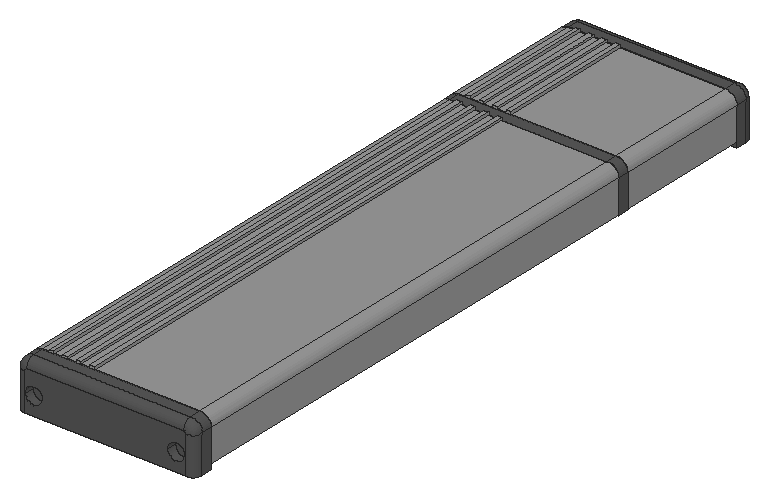
Revit family "JC KONTAKTER JCK227 DE", category Specialty Equipment, host Face, Revit 2025
Family settings
  Host = Face
  Round Connector Dimension = Use Diameter
  Part Type = Normal
  Enable Cutting in Views = Yes
  Cut with Voids When Loaded = No
  Maintain Annotation Orientation = Yes
  Shared = No
  Room Calculation Point = No
Parameters (values of type "JCK227")
  URL = "https://grossflaechentaster.de/produkt/grossflachentaster-metall/grossflachentaster-jck227/"
  Technisches Produktblatt = "https://grossflaechentaster.de/wp-content/uploads/sites/3/Technisches-Produktdatenblatt-_JCK227_DE.pdf"
  Produktgewicht = "0.397 kg."
  Nomineller nennstrom = "12 V - Resistive 6A Inductive L/R 5ms 6A, 24 V - Resistive 6A Inductive L/R 5ms 5A"
  Model = "JCK227"
  Mikroschalter = "Standard NO IP67"
  Manufacturer = "JC kontakter"
  Kunststoffstück = POM Tenac C 4520
  Kern = Aluminum ENAW 6060
  Herstellungsland = "Schweden"
  Geringster nennstrom = "1mA/4 V DC"
  Endkappen = POM Tenac C 4520
  Description = "JCK227 gehört zu einer Serie von Großflächentastern mit doppelten Tastflächen, die es ermöglichen, z.B. eine zusätzliche Tür oder ein Schloss zu schalten. Der JCK227 ist aus silbereloxiertem Aluminium mit schwarzen Endkappen gefertigt. Beide Tastflächen sind mit vier taktilen Rillen versehen und dienen als zusätzliche Orientierungshilfe für sehbehinderte Personen. So lässt sich leicht erfühlen, wo man drücken muss, um die Türöffnung zu aktivieren."
  Default Elevation = 800 mm
  Deckel 2 = Aluminum ENAW 6060
  Deckel = Aluminum ENAW 6060
  CE-kennzeichnung = "https://jckontakter.se/wp-content/uploads/CE_Dokument.pdf"
  Anzahl der mikroschalter = 2
Reference planes
  plane 1 "Center (Front/Back)": y = 0
  plane 2: z = 0
  plane 3 "Center (Left/Right)": x = 0
  plane 4 "A": y = -155.5
Lines and regions (mm)
  symbolic lines
    curve 1: line (-50, 0, 50) -> (50, 0, 50)
    curve 2: line (-50, 0, 0) -> (-50, 0, 50)
    curve 3: line (50, 0, 0) -> (-50, 0, 0)
    curve 4: line (50, 0, 50) -> (50, 0, 0)
    curve 5: line (-40, 155.5, 0) -> (40, 155.5, 0)
    curve 6: line (-40, -155.5, 0) -> (-40, 155.5, 0)
    curve 7: line (40, -155.5, 0) -> (-40, -155.5, 0)
    curve 8: line (40, 155.5, 0) -> (40, -155.5, 0)
Text (mm)
  text "Entfernen Sie diesen Text vor der Verwendung.\n\nPlatzierungsanweisungen:\n\n1. In das Projekt laden.\n2. Bewegen Sie den Mauszeiger über die Fläche, auf der die Familie platziert werden soll.\n3. Wenn die Familie gedreht angezeigt wird, aktivieren Sie die Option „Nach Platzierung drehen.\n4. Klicken Sie auf die gewünschte Fläche.\n5. Geben Sie den gewünschten Winkel ein.\n6. Drücken Sie die Eingabetaste." at (123.173, 1072.34, 0), in view "Ref. Level"
Dimensions and locks
  aligned and locked: plane 2 to host face
  aligned and locked: level to host face
Nested families
  nested 1: "AK_227" at (0, -155.5, 0) x (1, 0, 0) z (0, 1, 0), type "AK_227"
Definition of nested family "AK_227"
  Parameters (values of type "AK_227")
    Middle separator = none
    Lid (Secondary) = none
    Default Elevation = 1219.2 mm
    Core Finish = none
    URL = "https://jckontakter.se/produkt/armbagskontakter-metall/armbagskontakt-i-aluminium-jck227/"
    Model = "JCK227"  # constant formula
    Manufacturer = "JC Kontakter"  # constant formula
    Lid Finish = none
    End Cap Finish = none
    Description = "JCK227 tillhör en serie armbågskontakter med dubbla tryckytor som gör det möjligt att koppla t.ex. en extra dörr eller ett lås. JCK227 är tillverkad i silvereloxerad aluminium med svarta endcaps. Båda tryckytorna är utformade med fyra taktila rillor och fungerar som extra vägledning för personer med synnedsättning. Man kan enkelt känna sig till vart man ska trycka för att aktivera dörröppning."  # constant formula
  Reference planes
    plane 1 "Center (Front/Back)": y = 0
    plane 2: z = 0
    plane 3 "Center (Left/Right)": x = 0
    plane 4 "1": x = 40
    plane 5 "A": z = 9
    plane 6 "B": z = 302
    plane 7 "C": z = 236
  Forms (mm)
    Extrusion 1, solid, material <- "Core Finish"
      sketch origin (40, 0, 9) x (1, 0, 0) y (0, 1, 0)
        loop
          line (-80, 0) -> (-80, -1.2) -> (-75, -1.2) -> (-75, -8.75) -> (-73.2, -8.75) -> (-73.2, -1.2) -> (-11.2, -1.2) -> (-11.2, -8.75) -> (-2.249, -8.75)
          arc (-2.249, -8.75) -> (-3.331, -3.54) -> (-8.11, -1.2) r 6.05
          line (-8.11, -1.2) -> (-5.54, -1.2) -> (-5.54, 0) -> (-80, 0)
      from 0 to 293
    Extrusion 2, solid, material <- "Lid Finish"
      sketch origin (-40, 0, 9) x (-1, 0, 0) y (0, -1, 0)
        loop
          line (-3.92, 11.41) -> (-0.92, 6.4) -> (0, 6.4) -> (0, 16.83)
          arc (0, 16.83) -> (-1.464, 20.366) -> (-5, 21.83) r 5
          line (-5, 21.83) -> (-8, 21.83) -> (-8, 22.83) -> (-10, 22.83) -> (-10, 21.83) -> (-14, 21.83) -> (-14, 22.83) -> (-16, 22.83) -> (-16, 21.83) -> (-20, 21.83) -> (-20, 22.83) -> (-22, 22.83) -> (-22, 21.83) -> (-26, 21.83) -> (-26, 22.83) -> (-28, 22.83) -> (-28, 21.83) -> (-75, 21.83)
          arc (-75, 21.83) -> (-78.536, 20.366) -> (-80, 16.83) r 5
          line (-80, 16.83) -> (-80, 2.38) -> (-78.4, 2.38) -> (-78.4, 11.41) -> (-3.92, 11.41)
      from 0 to 227
    Extrusion 3, solid, material <- "End Cap Finish"
      sketch origin (-40, 0, 0) x (1, 0, 0) y (0, 1, 0)
        loop
          arc (0, -16.83) -> (1.464, -20.366) -> (5, -21.83) r 5
          line (5, -21.83) -> (75, -21.83)
          arc (75, -21.83) -> (78.536, -20.366) -> (80, -16.83) r 5
          line (80, -16.83) -> (80, 0) -> (0, 0) -> (0, -16.83)
      from 0 to 9
    Sweep 4, void
      path origin (0, 0, 0) x (1, 0, 0) y (0, 1, 0)
        loop
          line (42, 0) -> (42, -16.83)
          arc (42, -16.83) -> (39.95, -21.78) -> (35, -23.83) r 7
          line (35, -23.83) -> (-35, -23.83)
          arc (-35, -23.83) -> (-39.95, -21.78) -> (-42, -16.83) r 7
          line (-42, -16.83) -> (-42, 0)
      profile origin (0, -23.83, 0) x (0, -1, 0) y (0, 0, 1)
        loop
          line (-1, 4) -> (-2, 4)
          arc (-2, 4) -> (-3.172, 1.172) -> (-6, 0) r 4
          line (-6, 0) -> (-6, -1) -> (-1, -1) -> (-1, 4)
    Extrusion 5, solid, material <- "End Cap Finish"
      sketch origin (0, 0, 302) x (-1, 0, 0) y (0, -1, 0)
        loop
          arc (40, 16.83) -> (38.536, 20.366) -> (35, 21.83) r 5
          line (35, 21.83) -> (-35, 21.83)
          arc (-35, 21.83) -> (-38.536, 20.366) -> (-40, 16.83) r 5
          line (-40, 16.83) -> (-40, 0) -> (40, 0) -> (40, 16.83)
      from 0 to 9
    Sweep 6, void
      path origin (0, 0, 302) x (-1, 0, 0) y (0, -1, 0)
        loop
          line (-42, 0) -> (-42, 16.83)
          arc (-42, 16.83) -> (-39.95, 21.78) -> (-35, 23.83) r 7
          line (-35, 23.83) -> (35, 23.83)
          arc (35, 23.83) -> (39.95, 21.78) -> (42, 16.83) r 7
          line (42, 16.83) -> (42, 0)
      profile origin (0, -23.83, 302) x (0, -1, 0) y (0, 0, 1)
        loop
          line (-1, 5) -> (-1, 10) -> (-6, 10) -> (-6, 9)
          arc (-6, 9) -> (-3.172, 7.828) -> (-2, 5) r 4
          line (-2, 5) -> (-1, 5)
    Extrusion 7, void
      sketch origin (0, 0, 0) x (1, 0, 0) y (0, 1, 0)
        loop
          circle (-31.75, -8.25) r 3.75
        loop
          circle (31.75, -8.25) r 3.75
      from 0 to 4
    Extrusion 8, solid, material <- "Lid (Secondary)"
      sketch origin (0, 0, 236) x (-1, 0, 0) y (0, -1, 0)
        loop
          line (36.08, 11.41) -> (39.08, 6.4) -> (40, 6.4) -> (40, 16.83)
          arc (40, 16.83) -> (38.536, 20.366) -> (35, 21.83) r 5
          line (35, 21.83) -> (32, 21.83) -> (32, 22.83) -> (30, 22.83) -> (30, 21.83) -> (26, 21.83) -> (26, 22.83) -> (24, 22.83) -> (24, 21.83) -> (20, 21.83) -> (20, 22.83) -> (18, 22.83) -> (18, 21.83) -> (14, 21.83) -> (14, 22.83) -> (12, 22.83) -> (12, 21.83) -> (-35, 21.83)
          arc (-35, 21.83) -> (-38.536, 20.366) -> (-40, 16.83) r 5
          line (-40, 16.83) -> (-40, 2.38) -> (-38.4, 2.38) -> (-38.4, 11.41) -> (36.08, 11.41)
      from 5 to 66
    Extrusion 9, solid, material <- "Middle separator"
      sketch origin (0, 0, 236) x (-1, 0, 0) y (0, -1, 0)
        loop
          line (-19.5, 16.33) -> (35, 16.33) -> (35, 5) -> (40, 5) -> (40, 16.83)
          arc (40, 16.83) -> (38.536, 20.366) -> (35, 21.83) r 5
          line (35, 21.83) -> (-35, 21.83)
          arc (-35, 21.83) -> (-38.536, 20.366) -> (-40, 16.83) r 5
          line (-40, 16.83) -> (-40, 2) -> (-34.897, 2)
          arc (-34.897, 2) -> (-37.462, 4.894) -> (-37.751, 8.75) r 6.05
          line (-37.751, 8.75) -> (-19.5, 8.75) -> (-19.5, 16.33)
      from 0 to 5
  Cuts and joins
    Sweep 4, Sweep 6, Extrusion 7 cuts Extrusion 3
    Sweep 6 cuts Extrusion 5
  Dimensions and locks
    aligned and locked: level to plane 2
